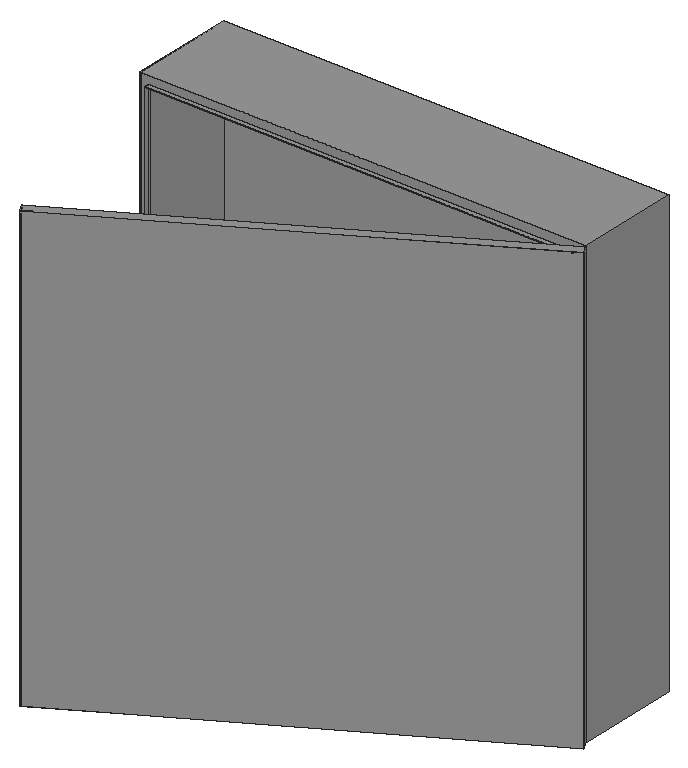
Revit family "Hager-Univers-IP44-D205-H800-Cl.I-Encl-NoHosted-CH-de", category Equipement électrique, Revit 2020
Family settings
  Configuration du panneau = Deux colonnes, circuits au sein
  Cote de connecteur circulaire = Utiliser le diamètre
  Type d'élément = Tableau de raccordement
  Basée sur le plan de construction = Oui
  Toujours verticalement = Oui
  Couper avec des vides une fois chargée = Non
  Partagée = Non
  Point de calcul de pièce = Non
Parameters (values of type "Aufputz IP44 B800 H800 T205  - FP53TN2")
  Width Control [instance] = if([EF000008 - Breite] > Min Width, [EF000008 - Breite], Min Width)  # 800 mm
  Commentaires du type = [HG000003 - Bereich]  # "Univers"
  Thickness Door [instance] = if([EF009171 - Materialstärke Tür/Deckel] > 3 mm, 3 mm, [EF009171 - Materialstärke Tür/Deckel])  # 1 mm
  Seal Frame Offset [instance] = 17 mm  # constant formula
  Plinth Visibility [instance] = [HG000027 - Sockelhöhe] > 0 mm  # no
  Min Width [instance] = 100 mm  # constant formula
  Min Depth [instance] = (2 * [EF009170 - Materialstärke Gehäuse]) + 1 mm  # 3 mm
  Min Height [instance] = 100 mm  # constant formula
  Internal Frame Depth [instance] = (Door System Depth * 0.5)  # 9 mm
  Panel Name [instance] = ""  # (empty or 0)
  Model = ""
  HG000027 - Sockelhöhe = 0 mm
  HG000026 - Stehend auf dem Boden = no
  HG000024 - Höhe des unteren Teils = 600 mm
  HG000023 - Gehäuse mit doppeltem Querschnitt = no
  HG000016 - 3D-Türsichtbarkeit [instance] = yes
  HG000015 - Sichtbarkeit der Türöffnung [instance] = no
  HG000014 - Tür rechts [instance] = yes
  HG000013 - Tür links [instance] = not([HG000014 - Tür rechts])  # no
  HG000012 - Türschwenkwinkel [instance] = 30.00°
  HG000010 - Asymmetrische Türen = no
  HG000009 - Doppelflügeligen Tür = no
  HG000006 - Unterputz = no
  HG000004 - Herstellerreferenz = "FP53TN2"
  HG000003 - Bereich = "Univers"
  HG000002 - Mit tür = yes
  Frame Offset Bottom [instance] = 10 mm  # constant formula
  Frame Offset [instance] = 15 mm  # constant formula
  EF015940 - Deckel mit Überdruckentlastung = no
  EF011959 - Schutzart (NEMA) = ""
  EF009554 - Anzahl der Öffnungen für Flanschplatten = 6
  EF009212 - Ausführung Deckel = "EV000116 - geschlossen"
  EF009171 - Materialstärke Tür/Deckel = 1 mm
  EF009170 - Materialstärke Gehäuse = 1 mm
  EF008873 - Nennstrom (In) = 250 A
  EF007800 - Geeignet für Blitzschutz = no
  EF006306 - Mit Schloss = no
  EF006244 - Transparenter Deckel/Tür = no
  EF005474 - Schutzart (IP) = "EV006418 - IP44"
  EF004464 - Art der Tür = "EV002646 - Einzel"
  EF004427 - Anzahl der Module = 180
  EF004293 - Schlagfestigkeit = "EV006815 - IK09"
  EF003532 - Geeignet für Außengebrauch = no
  EF002950 - Breite in Teilungseinheiten = 36
  EF001613 - Funktionserhalt = "EV000494 - ohne"
  EF001596 - Werkstoff des Gehäuses = "EV000179 - Stahl"
  EF001131 - Innentiefe = 205 mm
  EF001088 - Anbaumöglichkeit = yes
  EF000437 - Anzahl der Leitungseinführungen = 6
  EF000339 - Art der Abdeckung = "EV001012 - Deckel"
  EF000266 - Anzahl der Reihen = 5
  EF000218 - Einbautiefe = 205 mm
  EF000118 - Mit Montageplatte = no
  EF000116 - RAL-Nummer = "9010"
  EF000049 - Tiefe = 205 mm
  EF000040 - Höhe = 800 mm
  EF000008 - Breite = 800 mm
  EF000007 - Farbe = "EV000202 - weiß"
  EF000003 - Montageart = "EV000384 - Aufputz"
  Door System Leaf Tolerance [instance] = 1.5 mm  # constant formula
  Door System Depth [instance] = 18 mm  # constant formula
  Door Height [instance] = Height Control - [HG000027 - Sockelhöhe]  # 800 mm
  Description = ""
  Default Elevation = 1219.2 mm
  Connector Offset [instance] = Height Control / 2  # 400 mm
  Fabricant = "Hager"  # constant formula
  Height Control [instance] = if([EF000040 - Höhe] > Min Height, [EF000040 - Höhe], Min Height)  # 800 mm
  Depth Control [instance] = if([EF000049 - Tiefe] > Min Depth, [EF000049 - Tiefe], Min Depth)  # 205 mm
  Bottom Top Plate Trim [instance] = 1.5 mm  # constant formula
  Plinth height Ctrl [instance] = if([HG000027 - Sockelhöhe] > 0 mm, [HG000027 - Sockelhöhe], 12 mm)  # 12 mm
Types (10, lengths in mm): name | Width Control | HG000010 - Asymmetrische Türen | HG000009 - Doppelflügeligen Tür | HG000004 - Herstellerreferenz | EF009554 - Anzahl der Öffnungen für Flanschplatten | EF004464 - Art der Tür | EF004427 - Anzahl der Module | EF002950 - Breite in Teilungseinheiten | EF000437 - Anzahl der Leitungseinführungen | EF000218 - Einbautiefe | EF000008 - Breite
  Aufputz IP44 B1050 H800 T205  - FP54QT | 1050 | no | no | "FP54QT" | 8 | "EV003602 - Doppel" | 240 | 48 | 8 | 0 | 1050
  Aufputz IP44 B1050 H800 T205  - FP54TN2 | 1050 | no | yes | "FP54TN2" | 8 | "EV003602 - Doppel" | 240 | 48 | 8 | 205 | 1050
  Aufputz IP44 B1300 H800 T205  - FP55QT | 1300 | no | no | "FP55QT" | 10 | "EV003602 - Doppel" | 300 | 60 | 10 | 0 | 1300
  Aufputz IP44 B1300 H800 T205  - FP55TN2 | 1300 | yes | yes | "FP55TN2" | 10 | "EV003602 - Doppel" | 300 | 60 | 10 | 205 | 1300
  Aufputz IP44 B300 H800 T205  - FP51QT | 300 | no | no | "FP51QT" | 2 | "EV002646 - Einzel" | 60 | 12 | 2 | 0 | 300
  Aufputz IP44 B300 H800 T205  - FP51TN2 | 300 | no | no | "FP51TN2" | 2 | "EV002646 - Einzel" | 60 | 12 | 2 | 205 | 300
  Aufputz IP44 B550 H800 T205  - FP52QT | 550 | no | no | "FP52QT" | 4 | "EV002646 - Einzel" | 120 | 24 | 4 | 0 | 550
  Aufputz IP44 B550 H800 T205  - FP52TN2 | 550 | no | no | "FP52TN2" | 4 | "EV002646 - Einzel" | 120 | 24 | 4 | 205 | 550
  Aufputz IP44 B800 H800 T205  - FP53QT | 800 | no | no | "FP53QT" | 6 | "EV002646 - Einzel" | 180 | 36 | 6 | 0 | 800
  Aufputz IP44 B800 H800 T205  - FP53TN2 | 800 | no | no | "FP53TN2" | 6 | "EV002646 - Einzel" | 180 | 36 | 6 | 205 | 800
Reference planes
  plane 1 "Center (Front/Back)": y = 0
  plane 2: z = 0
  plane 3 "Center (Left/Right)": x = 0
  plane 4: y = 0
  plane 5: y = 0
  plane 6: z = 0
  plane 7: x = -400
  plane 8: x = 400
  plane 9: x = 399
  plane 10: x = -399
  plane 11: z = 0
  plane 12: z = 1
  plane 13: y = -205
  plane 14: y = -1
  plane 15: x = 0
  plane 16: y = -187
  plane 17: y = -204
  plane 18: y = -186
  plane 19: x = -384
  plane 20: x = 384
  plane 21: z = 11
  plane 22: x = -383
  plane 23: x = 383
  plane 24: z = 0
  plane 25: z = 800
  plane 26: z = 800
  plane 27: z = 784
  plane 28: z = 799
Forms (mm)
  Extrusion 1, solid, material "Hager_Steel_RAL7035_Light_Grey", detail levels medium+fine
    sketch origin (-208.679, -4572, 0) x (-1, 0, 0) y (0, -1, 0)
      loop
        line (191.321, -4385) -> (-608.679, -4385) -> (-608.679, -4572) -> (191.321, -4572) -> (191.321, -4385)
    from 0 to 800
  Extrusion 2, void
    sketch origin (-350.771, -205, 1219.2) x (1, 0, 0) y (0, 0, 1)
      loop
        line (-48.229, -420.2) -> (-48.229, -1218.2) -> (749.771, -1218.2) -> (749.771, -420.2) -> (-48.229, -420.2)
    from -19 to -204
  Extrusion 3, void
    sketch origin (-290.084, -187, 1219.2) x (1, 0, 0) y (0, 0, 1)
      loop
        line (-93.916, -1208.2) -> (674.084, -1208.2) -> (674.084, -435.2) -> (-93.916, -435.2) -> (-93.916, -1208.2)
    from 0 to -1
  Extrusion 4, solid, material "Hager_Steel_RAL7035_Light_Grey", visible <- "Plinth Visibility", detail levels medium+fine
    sketch origin (0, 0, 0) x (1, 0, 0) y (0, 1, 0)
      loop
        line (-400, 0) -> (-400, -187) -> (400, -187) -> (400, 0) -> (-400, 0)
    from 0 to 12 <- "Plinth height Ctrl"
  Extrusion 5, solid, material "Hager_Steel_RAL7035_Light_Grey", detail levels coarse
    sketch origin (0, 0, 0) x (1, 0, 0) y (0, 1, 0)
      loop
        line (-400, 0) -> (-400, -205) -> (400, -205) -> (400, 0) -> (-400, 0)
    from 0 to 800 <- "Height Control"
  Sweep 6, void
    path in 3D
      loop
        line (-400, -187, 12) -> (400, -187, 12) -> (400, 0, 12) -> (-400, 0, 12) -> (-400, -187, 12)
    profile origin (-400, -93.5, 12) x (1, 0, 0) y (0, 0, 1)
      loop
        line (0, 0) -> (0, -1.5) -> (1.5, -1.5)
        arc (1.5, -1.5) -> (1.061, -0.439) -> (0, 0) r 1.5
  Extrusion 7, solid, material "Hager_Steel_RAL7035_Light_Grey", detail levels fine
    sketch origin (-400, -187, 0) x (1, 0, 0) y (0, 0, 1)
      loop
        line (16, 11) -> (784, 11) -> (784, 784) -> (16, 784) -> (16, 11)
      loop
        line (15, 10) -> (785, 10) -> (785, 785) -> (15, 785) -> (15, 10)
    from 0 to 9 <- "Internal Frame Depth"
Cuts and joins
  Extrusion 2, Extrusion 3 cuts Extrusion 1
  Sweep 6 cuts Extrusion 4
Lines and regions (mm)
  Masking region 1
    outline origin (0, 0, 0) x (1, 0, 0) y (0, 1, 0)
      loop
        line (-400, 0) -> (-400, -205) -> (400, -205) -> (400, 0) -> (-400, 0)
  Masking region 2, detail levels coarse
    outline origin (-290.084, -187, 1219.2) x (-1, 0, 0) y (0, 0, 1)
      loop
        line (-690.084, -1219.2) -> (109.916, -1219.2) -> (109.916, -419.2) -> (-690.084, -419.2) -> (-690.084, -1219.2)
  Masking region 3, detail levels coarse
    outline origin (0, 0, 0) x (0, 1, 0) y (0, 0, 1)
      loop
        line (0, 0) -> (0, 800) -> (-205, 800) -> (-205, 0) -> (0, 0)
  Masking region 4, visible <- "Plinth Visibility", detail levels medium+fine
    outline origin (0, 0, 0) x (0, 1, 0) y (0, 0, 1)
      loop
        line (-1.5, 12) -> (-185.5, 12)
        arc (-185.5, 12) -> (-185.939, 10.939) -> (-187, 10.5) r 1.5
        line (-187, 10.5) -> (-187, 0) -> (0, 0) -> (0, 10.5)
        arc (0, 10.5) -> (-1.061, 10.939) -> (-1.5, 12) r 1.5
  Masking region 5, detail levels medium+fine
    outline origin (0, 0, 594.038) x (0, 1, 0) y (0, 0, 1)
      loop
        line (0, -594.038) -> (0, 205.962) -> (-187, 205.962) -> (-187, -594.038) -> (0, -594.038)
  Masking region 6, detail levels medium+fine
    outline origin (-359.7, -187, 1211.883) x (-1, 0, 0) y (0, 0, 1)
      loop
        line (-759.7, -1211.883) -> (40.3, -1211.883) -> (40.3, -411.883) -> (-759.7, -411.883) -> (-759.7, -1211.883)
  Masking region 7, visible <- "Plinth Visibility", detail levels medium+fine
    outline origin (-320.334, -187, 1041.368) x (-1, 0, 0) y (0, 0, 1)
      loop
        line (-720.334, -1041.368) -> (79.666, -1041.368) -> (79.666, -1030.868)
        arc (79.666, -1030.868) -> (78.606, -1030.429) -> (78.166, -1029.368) r 1.5
        line (78.166, -1029.368) -> (-718.834, -1029.368)
        arc (-718.834, -1029.368) -> (-719.273, -1030.429) -> (-720.334, -1030.868) r 1.5
        line (-720.334, -1030.868) -> (-720.334, -1041.368)
  sketch lines
    curve 1: line (-400, 0, 12) -> (-400, -187, 12)
    curve 2: line (-400, -187, 12) -> (400, -187, 12)
    curve 3: line (400, 0, 12) -> (-400, 0, 12)
    curve 4: line (400, -187, 12) -> (400, 0, 12)
Dimensions and locks
  locked: plane 1 "Center (Front/Back)" to plane 5
  "EF009170 - Materialstärke Gehäuse": plane 7 to plane 10
  "EF009170 - Materialstärke Gehäuse": plane 8 to plane 9
  equal spacing: plane 7, plane 3 "Center (Left/Right)", plane 8
  "Width Control": plane 7 to plane 8
  "Depth Control": plane 4 to plane 13
  "EF009170 - Materialstärke Gehäuse": plane 4 to plane 14
  "Height Control": plane 25 to level
  "HG000027 - Sockelhöhe": plane 11 to level
  "EF009170 - Materialstärke Gehäuse": plane 12 to plane 11
  "EF009170 - Materialstärke Gehäuse": plane 17 to plane 13
  "EF009170 - Materialstärke Gehäuse": plane 18 to plane 16
  "Frame Offset Bottom": plane 21 to plane 12
  "Frame Offset": plane 10 to plane 19
  "Frame Offset": plane 9 to plane 20
  "Door System Depth": plane 16 to plane 13
  "Seal Frame Offset": plane 7 to plane 22
  "Seal Frame Offset": plane 8 to plane 23
  "EF009170 - Materialstärke Gehäuse": plane 26 to plane 28
  "Frame Offset": plane 28 to plane 27
  "Connector Offset": plane 2 to connector elem
  "Bottom Top Plate Trim": profile plane to Sweep 6 sketch curve
  "Bottom Top Plate Trim": Sweep 6 sketch curve to Sweep 6 sketch curve
  "Plinth height Ctrl": Masking region 4 sketch curve to level
  "Plinth height Ctrl": Masking region 7 sketch curve to level
  "Thickness Door": Extrusion 7 sketch curve to Extrusion 7 sketch curve  (x4)
  "Bottom Top Plate Trim": radius of Sweep 6 sketch curve
  "Bottom Top Plate Trim": radius of Masking region 4 sketch curve  (x2)
  "Bottom Top Plate Trim": radius of Masking region 7 sketch curve  (x2)
  aligned and locked: Extrusion 2 sketch curve to plane 12
  aligned and locked: Extrusion 2 sketch curve to plane 9
  aligned and locked: Extrusion 2 sketch curve to plane 10
  aligned and locked: Extrusion 2 to plane 14
  aligned and locked: Extrusion 1 sketch curve to plane 4
  aligned and locked: plane 8 to Extrusion 1 sketch curve
  aligned and locked: plane 7 to Extrusion 1 sketch curve
  aligned and locked: Extrusion 2 to plane 18
  aligned and locked: Extrusion 3 sketch curve to plane 19
  aligned and locked: plane 20 to Extrusion 3 sketch curve
  aligned and locked: Extrusion 3 to Extrusion 2
  aligned and locked: Extrusion 3 sketch curve to plane 21
  aligned and locked: plane 3 "Center (Left/Right)" to nested 1
  aligned and locked: Extrusion 1 sketch curve to plane 16
  aligned and locked: Extrusion 4 sketch curve to cut or joined group of Extrusion 1, Extrusion 2, Extrusion 3
  aligned and locked: Masking region 1 sketch curve to plane 7
  aligned and locked: Masking region 1 sketch curve to plane 5
  aligned and locked: Masking region 1 sketch curve to plane 8
  aligned and locked: Masking region 2 sketch curve to level
  aligned and locked: level to Masking region 3 sketch curve
  aligned and locked: plane 1 "Center (Front/Back)" to Masking region 3 sketch curve
  aligned and locked: plane 13 to Masking region 3 sketch curve
  aligned and locked: plane 5 to Masking region 4 sketch curve
  aligned and locked: Masking region 2 sketch curve to plane 8
  aligned and locked: Masking region 2 sketch curve to plane 7
  aligned and locked: plane 7 to nested 2
  aligned and locked: nested 2 to plane 5
  aligned and locked: plane 5 to Masking region 5 sketch curve
  aligned and locked: plane 26 to Masking region 5 sketch curve
  aligned and locked: Extrusion 5 sketch curve to plane 8
  aligned and locked: Extrusion 5 sketch curve to plane 7
  aligned and locked: Extrusion 5 sketch curve to plane 5
  aligned and locked: Extrusion 3 sketch curve to plane 27
  aligned and locked: Extrusion 2 sketch curve to plane 28
  aligned and locked: Masking region 2 to plane 25
  aligned and locked: Extrusion 4 to plane 16
  aligned and locked: profile plane to Sweep 6 sketch curve
  aligned and locked: Masking region 5 sketch curve to plane 24
  aligned and locked: level to Masking region 4 sketch curve
  aligned and locked: Masking region 1 to plane 13
  aligned and locked: nested 1 to plane 16
  aligned and locked: Masking region 3 to plane 25
  aligned and locked: plane 16 to Masking region 4 sketch curve
  aligned and locked: Masking region 5 sketch curve to plane 16
  aligned and locked: plane 24 to plane 11
  aligned and locked: plane 26 to plane 25
  aligned and locked: plane 26 to cut or joined group of Extrusion 1, Extrusion 2, Extrusion 3
  aligned and locked: nested 1 to plane 24
  aligned and locked: Extrusion 1 to Extrusion 3
  aligned and locked: Masking region 6 sketch curve to plane 8
  aligned and locked: Masking region 6 sketch curve to plane 24
  aligned and locked: Masking region 6 sketch curve to plane 7
  aligned and locked: Masking region 6 sketch curve to plane 26
  aligned and locked: Masking region 7 sketch curve to plane 7
  aligned and locked: level to Masking region 7 sketch curve
  aligned and locked: Masking region 7 sketch curve to plane 8
  aligned and locked: Extrusion 7 sketch curve to cut or joined group of Extrusion 1, Extrusion 2, Extrusion 3  (x4)
Automatic sketch dimensions
  plane 19 to Extrusion 3 sketch curve = 0 mm
  Extrusion 3 sketch curve to plane 20 = 0 mm
  Extrusion 3 sketch curve to plane 21 = 0 mm
  Extrusion 4 sketch curve to plane 7 = 0 mm
  Extrusion 4 sketch curve to plane 8 = 0 mm
  Extrusion 4 sketch curve to plane 16 = 0 mm
  Masking region 1 sketch curve to plane 13 = 0 mm
  Masking region 2 sketch curve to plane 25 = 0 mm
  Masking region 3 sketch curve to plane 25 = 0 mm
  Extrusion 5 sketch curve to plane 13 = 0 mm
  profile plane to Sweep 6 sketch curve = 0 mm
Nested families
  nested 1: "EC000058_Univers_Door" at (0, -187, 0), Double <- "HG000009 - Doppelflügeligen Tür", Transparent <- "EF006244 - Transparenter Deckel/Tür", Angle <- "HG000012 - Türschwenkwinkel", Door_Right <- "HG000014 - Tür rechts", Assymetrical <- "HG000010 - Asymmetrische Türen", Door <- "HG000002 - Mit tür", Width_Ctrl <- "Width Control", 3d_Door <- "HG000016 - 3D-Türsichtbarkeit", Clearance <- "HG000015 - Sichtbarkeit der Türöffnung", Door_Left <- "HG000013 - Tür links", Width <- "Width Control", Door_Depth <- "Door System Depth", Leaf_Tolerance <- "Door System Leaf Tolerance", Height <- "Door Height", Lock_Visibility <- "EF006306 - Mit Schloss", Thickness <- "Thickness Door", type "EC000058_Univers_Door", detail levels medium+fine
    with min_wh 3 mm, Width_Ctrl 800 mm, Width 800 mm, Transparent no, Thickness 1 mm, Seal_Material Hager_Rubber, Lock_Visibility no, Lock_Material Hager_Plastic_RAL9005_Jet_Black, Leaf_Width 800 mm, Leaf_Tolerance_External_Sides 0 mm, Leaf_Tolerance 1.5 mm, Leaf_Offset 0 mm, Leaf_Height 797 mm, Leaf_2_Width 800 mm, Leaf_2_Offset 400 mm, Leaf_1_Width 800 mm, Leaf_1_Offset 400 mm, Height_Ctrl 800 mm, Height 800 mm, Glass_Material Hager_Glass, Double_Clearance_Ctrl no, Double no, Door_Right_Ctrl yes, Door_Right yes, Door_Material Hager_Steel_RAL7035_Light_Grey, Door_Left_Ctrl no, Door_Left no, Door_Depth 18 mm, Door yes, Clearance_Material Hager_Clearance, Clearance_Depth 800 mm, Clearance_Ctrl no, Clearance no, Assymetrical no, Angle 30.00°, 3d_Door yes
  nested 2: "Hager_Enclosure_Symbol" at (-400, 0, 0), Height <- "Depth Control", Width <- "Width Control", type "Hager_Enclosure_Symbol"
    with Width_Ctrl 800 mm, Width 800 mm, Height_Ctrl 205 mm, Height 205 mm, A_Width_Int 13.453 mm, A_Width 161.438 mm, A_Height_Ctrl 179.375 mm, A_Height 179.375 mm
Connectors
  electrical at (0, 0, 400)
    settings: on plane 1 "Center (Front/Back)", index 1, voltage 0 V, apparent load 0 VA, apparent load phase1 0 VA, apparent load phase2 0 VA, apparent load phase3 0 VA, power factor 1, load classification "Other", number of poles 1, system type 30, power factor state 1, is connector primary yes, connector utility no, sub classification motor no, connector description ""
Definition of nested family "EC000058_Univers_Door"
  Parameters (values of type "EC000058_Univers_Door")
    min_wh [instance] = (2 * Thickness) + 1 mm  # 11 mm
    Width_Ctrl [instance] = 400 mm
    Width [instance] = 500 mm
    Transparent [instance] = yes
    Thickness [instance] = 5 mm
    Seal_Material [instance] = none
    Lock_Visibility [instance] = yes
    Lock_Material [instance] = none
    Leaf_Width [instance] = if((Width_Ctrl - 2 * Leaf_Tolerance_External_Sides) > 0 mm, (Width_Ctrl - 2 * Leaf_Tolerance_External_Sides), min_wh)  # 400 mm
    Leaf_Tolerance_External_Sides [instance] = 0 mm  # constant formula
    Leaf_Tolerance [instance] = 1.5 mm
    Leaf_Offset [instance] = 0 mm  # constant formula
    Leaf_Height [instance] = if((Height_Ctrl - 2 * Leaf_Tolerance) > 0 mm, (Height_Ctrl - 2 * Leaf_Tolerance), min_wh)  # 497 mm
    Leaf_2_Width [instance] = if(and(and(Double, Assymetrical), Door_Left), (Leaf_Width / 3) - (Leaf_Tolerance / 2), if(and(and(Double, Assymetrical), Door_Right), (Leaf_Width / 3) * 2 - (Leaf_Tolerance / 2), if(and(Double, not(Assymetrical)), (Leaf_Width / 2) - Leaf_Tolerance, Leaf_Width)))  # 400 mm
    Leaf_2_Offset [instance] = if(and(Double, Assymetrical), Leaf_2_Width / 2, if(and(Double, not(Assymetrical)), Leaf_Width / 4, Leaf_Width / 2))  # 200 mm
    Leaf_1_Width [instance] = if(and(and(Double, Assymetrical), Door_Right), (Leaf_Width / 3) - (Leaf_Tolerance / 2), if(and(and(Double, Assymetrical), Door_Left), (Width / 3) * 2 - (Leaf_Tolerance / 2), if(and(Double, not(Assymetrical)), (Leaf_Width / 2) - Leaf_Tolerance, Leaf_Width)))  # 400 mm
    Leaf_1_Offset [instance] = if(and(Double, Assymetrical), Leaf_1_Width / 2, if(and(Double, not(Assymetrical)), Leaf_Width / 4, Leaf_Width / 2))  # 200 mm
    Height_Ctrl [instance] = if(Height > min_wh, Height, min_wh)  # 500 mm
    Height [instance] = 500 mm
    Glass_Material [instance] = none
    Double_Clearance_Ctrl [instance] = and(Double, Clearance)  # no
    Double [instance] = no
    Door_Right_Ctrl [instance] = and(or(Door_Right, Double), Door)  # yes
    Door_Right [instance] = yes
    Door_Material [instance] = none
    Door_Left_Ctrl [instance] = and(or(Door_Left, Double), Door)  # no
    Door_Left [instance] = no
    Door_Depth [instance] = 30 mm
    Door [instance] = yes
    Default Elevation = 1219.2 mm
    Clearance_Material [instance] = none
    Clearance_Depth [instance] = if(Leaf_1_Width > Leaf_2_Width, Leaf_1_Width, Leaf_2_Width)  # 400 mm
    Clearance_Ctrl [instance] = and(not(Double), Clearance)  # yes
    Clearance [instance] = yes
    Assymetrical [instance] = yes
    Angle [instance] = 30.00°
    3d_Door [instance] = yes
  Reference planes
    plane 1 "Center (Front/Back)": y = 0
    plane 2 "Bottom": z = 0
    plane 3 "Center (Left/Right)": x = 0
    plane 4: z = 500
    plane 5: x = -200
    plane 6: x = 200
    plane 7: z = 500
    plane 8: x = -200
    plane 9: z = 0
    plane 10: x = 200
    plane 11: y = 0
    plane 12: z = 1.5
    plane 13: x = -600
    plane 14: y = -400
    plane 15: x = 600
    plane 16: x = 0
    plane 17: x = 0
    plane 18: x = -200
    plane 19: x = 200
    plane 20: z = 498.5
  Forms (mm)
    Extrusion 1, solid, material <- "Clearance_Material", visible <- "Double_Clearance_Ctrl"
      sketch origin (1200, 0, 0) x (1, 0, 0) y (0, 0, -1)
        loop
          line (-1800, -498.5) -> (-600, -498.5) -> (-600, 0) -> (-1800, 0) -> (-1800, -498.5)
      from 0 to -400
  Dimensions and locks
    equal spacing: plane 5, plane 3 "Center (Left/Right)", plane 6
    "Width_Ctrl": plane 5 to plane 6
    "Leaf_Offset": plane 5 to plane 8
    "Leaf_Offset": plane 6 to plane 10
    "Leaf_Offset": plane 9 to level
    "Leaf_Offset": plane 4 to plane 7
    "Height_Ctrl": plane 4 to level
    "Leaf_Tolerance": plane 12 to plane 9
    locked: plane 11 to plane 1 "Center (Front/Back)"
    "Leaf_1_Offset": plane 18 to plane 16
    "Leaf_2_Offset": plane 17 to plane 19
    "Leaf_1_Width": plane 13 to plane 8
    "Leaf_2_Width": plane 10 to plane 15
    "Clearance_Depth": plane 14 to plane 1 "Center (Front/Back)"
    "Leaf_Tolerance_External_Sides": plane 8 to plane 18
    "Leaf_Tolerance_External_Sides": plane 19 to plane 10
    "Leaf_Tolerance": plane 7 to plane 20
    aligned and locked: level to plane 2 "Bottom"
    aligned and locked: nested 1 to plane 16
    aligned and locked: nested 2 to plane 17
    aligned and locked: Extrusion 1 to plane 13
    aligned and locked: plane 15 to Extrusion 1
    aligned and locked: Extrusion 1 to plane 14
    aligned and locked: plane 12 to nested 1
    aligned and locked: nested 2 to plane 12
    aligned and locked: Extrusion 1 to plane 11
    aligned and locked: plane 20 to Extrusion 1
    aligned and locked: nested 2 to plane 11
    aligned and locked: nested 1 to plane 11
  Automatic sketch dimensions
    Extrusion 1 sketch curve to level = 0 mm
    plane 5 to Extrusion 1 sketch curve = 400 mm
    plane 6 to Extrusion 1 sketch curve = 400 mm
    Extrusion 1 sketch curve to plane 4 = 1.5 mm
  Nested families
    nested 1: "EC000058_Univers_Door_Leaf" at (0, 0, 1.5), Width <- "Leaf_1_Width", visible <- "Door_Left_Ctrl", Leaf_Height <- "Leaf_Height", Angle <- "Angle", 3d_Door <- "3d_Door", Transparent <- "Transparent", Clearance Material <- "Clearance_Material", Clearance <- "Clearance_Ctrl", Door_Material <- "Door_Material", Glass_Material <- "Glass_Material", Door_Depth <- "Door_Depth", Lock_Material <- "Lock_Material", Seal_Material <- "Seal_Material", Lock_Visibility <- "Lock_Visibility", Thickness <- "Thickness", type "EC000058_Univers_Door_Leaf"
      with Width 400 mm, Transparent_Glass_Offset 30 mm, Transparent_Ctrl yes, Transparent yes, Thickness 5 mm, Standard no, Seal_Material none, Seal_D2 8 mm, Seal_D1 1 mm, Offset_Internal_Frame 10 mm, Lock_Width 20 mm, Lock_Visibility_3d yes, Lock_Visibility yes, Lock_Thickness_3 3 mm, Lock_Thickness_2 1 mm, Lock_Thickness_1 3 mm, Lock_Radius_Offset_2 16 mm, Lock_Radius_Offset_1 15 mm, Lock_Radius_2 5 mm, Lock_Radius 6 mm, Lock_Offset 5 mm, Lock_Material none, Lock_Height 80 mm, Lock_Cover_Top_Offset_2d 17 mm, Lock_Cover_Height -65 mm, Leaf_Height 497 mm, Internal_Seal_Thickness 8 mm, Internal_Seal_Depth_2 4.5 mm, Internal_Frame_Depth 25 mm, Glass_Thickness -1 mm, Glass_Offset -2 mm, Glass_Material none, Door_Material none, Door_Depth 30 mm, Clearance Material none, Clearance yes, Angle_Ctrl 30.00°, Angle 30.00°, 3d_Door yes
    nested 2: "EC000058_Univers_Door_Leaf" at (0, 0, 1.5) x (-1, 0, 0) z (0, 0, 1), Width <- "Leaf_2_Width", visible <- "Door_Right_Ctrl", Leaf_Height <- "Leaf_Height", Angle <- "Angle", 3d_Door <- "3d_Door", Transparent <- "Transparent", Clearance Material <- "Clearance_Material", Clearance <- "Clearance_Ctrl", Door_Material <- "Door_Material", Glass_Material <- "Glass_Material", Door_Depth <- "Door_Depth", Lock_Material <- "Lock_Material", Seal_Material <- "Seal_Material", Lock_Visibility <- "Lock_Visibility", Thickness <- "Thickness", type "EC000058_Univers_Door_Leaf"
      with Width 400 mm, Transparent_Glass_Offset 30 mm, Transparent_Ctrl yes, Transparent yes, Thickness 5 mm, Standard no, Seal_Material none, Seal_D2 8 mm, Seal_D1 1 mm, Offset_Internal_Frame 10 mm, Lock_Width 20 mm, Lock_Visibility_3d yes, Lock_Visibility yes, Lock_Thickness_3 3 mm, Lock_Thickness_2 1 mm, Lock_Thickness_1 3 mm, Lock_Radius_Offset_2 16 mm, Lock_Radius_Offset_1 15 mm, Lock_Radius_2 5 mm, Lock_Radius 6 mm, Lock_Offset 5 mm, Lock_Material none, Lock_Height 80 mm, Lock_Cover_Top_Offset_2d 17 mm, Lock_Cover_Height -65 mm, Leaf_Height 497 mm, Internal_Seal_Thickness 8 mm, Internal_Seal_Depth_2 4.5 mm, Internal_Frame_Depth 25 mm, Glass_Thickness -1 mm, Glass_Offset -2 mm, Glass_Material none, Door_Material none, Door_Depth 30 mm, Clearance Material none, Clearance yes, Angle_Ctrl 30.00°, Angle 30.00°, 3d_Door yes
  Definition of nested family "EC000058_Univers_Door_Leaf"
    Parameters (values of type "EC000058_Univers_Door_Leaf")
      Width [instance] = 2000 mm
      Transparent_Glass_Offset [instance] = 30 mm
      Transparent_Ctrl [instance] = and(Transparent, [3d_Door])  # yes
      Transparent [instance] = yes
      Thickness [instance] = 5 mm
      Standard [instance] = and(not(Transparent), [3d_Door])  # no
      Seal_Material [instance] = none
      Seal_D2 [instance] = 8 mm  # constant formula
      Seal_D1 [instance] = 1 mm  # constant formula
      Offset_Internal_Frame [instance] = 10 mm  # constant formula
      Lock_Width [instance] = 20 mm  # constant formula
      Lock_Visibility_3d [instance] = and(Lock_Visibility, [3d_Door])  # yes
      Lock_Visibility [instance] = yes
      Lock_Thickness_3 [instance] = 3 mm  # constant formula
      Lock_Thickness_2 [instance] = 1 mm  # constant formula
      Lock_Thickness_1 [instance] = 3 mm  # constant formula
      Lock_Radius_Offset_2 [instance] = Lock_Radius_Offset_1 + 1 mm  # 16 mm
      Lock_Radius_Offset_1 [instance] = 15 mm  # constant formula
      Lock_Radius_2 [instance] = Lock_Radius - 1 mm  # 5 mm
      Lock_Radius [instance] = 6 mm  # constant formula
      Lock_Offset [instance] = 5 mm  # constant formula
      Lock_Material [instance] = none
      Lock_Height [instance] = 80 mm  # constant formula
      Lock_Cover_Top_Offset_2d [instance] = Lock_Radius_Offset_2 + 1 mm  # 17 mm
      Lock_Cover_Height [instance] = -(Lock_Height - Lock_Radius_Offset_1)  # -65 mm
      Leaf_Height [instance] = 2720.336 mm
      Internal_Seal_Thickness [instance] = 8 mm  # constant formula
      Internal_Seal_Depth_2 [instance] = 4.5 mm  # constant formula
      Internal_Frame_Depth [instance] = if(Door_Depth - Thickness > 5 mm, Door_Depth - Thickness, 5 mm)  # 25 mm
      Glass_Thickness [instance] = if(Thickness > 15 mm, Glass_Offset + 10 mm, -1 mm)  # -1 mm
      Glass_Offset [instance] = if(Thickness > 15 mm, -(Thickness + 10 mm) / 2, -2 mm)  # -2 mm
      Glass_Material [instance] = none
      Door_Material [instance] = none
      Door_Depth [instance] = 30 mm
      Default Elevation = 0 mm
      Clearance Material [instance] = none
      Clearance [instance] = yes
      Angle_Ctrl [instance] = if(Angle > 180.00°, 180.00°, Angle)  # 90.00°
      Angle [instance] = 90.00°
      3d_Door [instance] = yes
    Reference planes
      plane 1 "Center (Front/Back)": y = 0
      plane 2: z = 0
      plane 3 "Center (Left/Right)": x = 0
      plane 4: y = 2000
      plane 5: x = -1000
      plane 6: x = 1000
      plane 7: x = -3000
      plane 8: z = 2720.336
      plane 9: z = 30
      plane 10: z = 2690.336
      plane 11: x = 970
      plane 12: x = -970
      plane 13: y = -3
      plane 14: z = 107.833
      plane 15: y = -5
      plane 16: y = -223.314
      plane 17: x = -1000
      plane 18: z = 1360.168
      plane 19: y = 30
    Forms (mm)
      Extrusion 1, solid, material <- "Clearance Material", visible <- "Clearance"
        sketch origin (0, 0, 0) x (1, 0, 0) y (0, 0, 1)
          loop
            line (-3000, 2720.336) -> (-3000, 0) -> (1000, 0) -> (1000, 2720.336) -> (-3000, 2720.336)
        from 0 to -2000
      Extrusion 2, solid, material <- "Door_Material", visible <- "Standard", detail levels medium+fine
        sketch origin (-1000, 0, 0) x (0, 1, 0) y (-1, 0, 0)
          loop
            line (0, 30) -> (0, 25) -> (2000, 25) -> (2000, 30) -> (0, 30)
        from 0 to 2720.336 <- "Leaf_Height"
      Extrusion 3, solid, material <- "Door_Material", visible <- "Transparent_Ctrl", detail levels medium+fine
        sketch origin (-1000, 0, 0) x (0, 1, 0) y (-1, 0, 0)
          loop
            line (0, 25) -> (2000, 25) -> (2000, 30) -> (0, 30) -> (0, 25)
        from 0 to 2720.336 <- "Leaf_Height"
      Extrusion 4, void
        sketch origin (-1025, 2000, 0) x (0, 1, 0) y (0, 0, -1)
          loop
            line (-30, -2690.336) -> (-30, -30) -> (-1970, -30) -> (-1970, -2690.336) -> (-30, -2690.336)
        from 0 to 5 <- "Thickness"
      Sweep 5, solid, material <- "Seal_Material", visible <- "Transparent_Ctrl", detail levels fine
        path in 3D
          loop
            line (-1025, 30, 30) -> (-1025, 30, 2690.336) -> (-1025, 1970, 2690.336) -> (-1025, 1970, 30) -> (-1025, 30, 30)
        profile origin (-1025, 1000, 30) x (1, 0, 0) y (0, 0, 1)
          loop
            line (0, 0) -> (0, -8) -> (1, -8) -> (1, 0) -> (0, 0)
      Extrusion 6, solid, material <- "Glass_Material", visible <- "Transparent_Ctrl", detail levels medium+fine
        sketch origin (-1030, 0, 0) x (0, 1, 0) y (0, 0, -1)
          loop
            line (1970, -2690.336) -> (1970, -30) -> (30, -30) -> (30, -2690.336) -> (1970, -2690.336)
        from -2 <- "Glass_Offset" to -1 <- "Glass_Thickness"
      Extrusion 7, solid, material <- "Door_Material", visible <- "3d_Door", detail levels medium+fine
        sketch origin (-1025, 2000, 0) x (0, -1, 0) y (0, 0, -1)
          loop
            line (0, -2720.336) -> (2000, -2720.336) -> (2000, 0) -> (0, 0) -> (0, -2720.336)
          loop
            line (1995, -5) -> (5, -5) -> (5, -2715.336) -> (1995, -2715.336) -> (1995, -5)
        from 0 to 25 <- "Internal_Frame_Depth"
      Sweep 8, solid, material <- "Seal_Material", visible <- "Transparent_Ctrl", detail levels fine
        path in 3D
          loop
            line (-1025, 0, 0) -> (-1025, 2000, 0) -> (-1025, 2000, 2720.336) -> (-1025, 0, 2720.336) -> (-1025, 0, 0)
        profile origin (-1025, 0, 1360.168) x (1, 0, 0) y (0, 1, 0)
          loop
            line (0, 10) -> (2.975, 10)
            arc (2.975, 10) -> (4.053, 10.447) -> (4.5, 11.525) r 1.525
            line (4.5, 11.525) -> (4.5, 16.527)
            arc (4.5, 16.527) -> (4.069, 17.569) -> (3.027, 18) r 1.473
            line (3.027, 18) -> (0, 18) -> (0, 10)
      Extrusion 9, solid, material <- "Lock_Material", visible <- "Lock_Visibility_3d", detail levels fine
        sketch origin (-1030, 0, 0) x (0, 1, 0) y (0, 0, -1)
          loop
            arc (1993.5, -1400.168) -> (1994.561, -1399.729) -> (1995, -1398.668) r 1.5
            line (1995, -1398.668) -> (1995, -1320.168) -> (1975, -1320.168) -> (1975, -1398.668)
            arc (1975, -1398.668) -> (1975.439, -1399.729) -> (1976.5, -1400.168) r 1.5
            line (1976.5, -1400.168) -> (1993.5, -1400.168)
        from 3 <- "Lock_Thickness_1" to 0
      Blend 10, solid, material <- "Lock_Material", visible <- "Lock_Visibility_3d", detail levels fine
        base sketch origin (-1033, 0, 0) x (0, 1, 0) y (0, 0, -1)
          loop
            line (1975, -1320.168) -> (1975, -1398.668)
            arc (1975, -1398.668) -> (1975.439, -1399.729) -> (1976.5, -1400.168) r 1.5
            line (1976.5, -1400.168) -> (1993.5, -1400.168)
            arc (1993.5, -1400.168) -> (1994.561, -1399.729) -> (1995, -1398.668) r 1.5
            line (1995, -1398.668) -> (1995, -1320.168) -> (1975, -1320.168)
        top sketch origin (-1033, 0, 0) x (0, 1, 0) y (0, 0, -1)
          loop
            line (1976, -1320.168) -> (1976, -1398.668)
            arc (1976, -1398.668) -> (1976.146, -1399.022) -> (1976.5, -1399.168) r 0.5
            line (1976.5, -1399.168) -> (1993.5, -1399.168)
            arc (1993.5, -1399.168) -> (1993.854, -1399.022) -> (1994, -1398.668) r 0.5
            line (1994, -1398.668) -> (1994, -1320.168) -> (1976, -1320.168)
        from 0 to 1 <- "Lock_Thickness_2"
      Blend 11, solid, material <- "Lock_Material", visible <- "Lock_Visibility_3d", detail levels fine
        base sketch origin (-1034, 0, 0) x (0, 1, 0) y (0, 0, -1)
          loop
            line (1978, -1320.168) -> (1978, -1384.168)
            arc (1978, -1384.168) -> (1985, -1391.168) -> (1992, -1384.168) r 7
            line (1992, -1384.168) -> (1992, -1320.168) -> (1978, -1320.168)
        top sketch origin (-1034, 0, 0) x (0, 1, 0) y (0, 0, -1)
          loop
            line (1991, -1320.168) -> (1979, -1320.168) -> (1979, -1383.168)
            arc (1979, -1383.168) -> (1985, -1389.168) -> (1991, -1383.168) r 6
            line (1991, -1383.168) -> (1991, -1320.168)
        from 0 to 3 <- "Lock_Thickness_3"
      Extrusion 12, solid, material <- "Lock_Material", visible <- "Lock_Visibility_3d", detail levels fine
        sketch origin (-1030, 1975, 1320.168) x (1, 0, 0) y (0, -1, 0)
          loop
            line (-7, -19) -> (-7, -1) -> (0, -1) -> (0, 0) -> (-8, 0) -> (-8, -20) -> (0, -20) -> (0, -19) -> (-7, -19)
        from 0 to -65 <- "Lock_Cover_Height"
      Extrusion 13, void
        sketch origin (-1038, 1995, 1320.168) x (-1, 0, 0) y (0, 0, -1)
          loop
            line (-5, -65) -> (0, -65) -> (-5, -60) -> (-5, -65)
        from 0 to 20 <- "Lock_Width"
      Extrusion 14, void
        sketch origin (-1038, 1975, 1320.168) x (0, -1, 0) y (0, 0, -1)
          loop
            circle (-10, -15.995) r 6
          loop
            circle (-10, -15.995) r 5
        from 0 to 2
      Extrusion 15, solid, material <- "Lock_Material", visible <- "Lock_Visibility_3d", detail levels medium
        sketch origin (-1030, 0, 0) x (0, 1, 0) y (0, 0, -1)
          loop
            arc (1993.5, -1400.168) -> (1994.561, -1399.729) -> (1995, -1398.668) r 1.5
            line (1995, -1398.668) -> (1995, -1320.168) -> (1975, -1320.168) -> (1975, -1398.668)
            arc (1975, -1398.668) -> (1975.439, -1399.729) -> (1976.5, -1400.168) r 1.5
            line (1976.5, -1400.168) -> (1993.5, -1400.168)
        from 8 to 0
    Cuts and joins
      Extrusion 4 cuts Extrusion 3
      Extrusion 13, Extrusion 14 cuts Extrusion 9
      Extrusion 14 cuts Blend 11
      Extrusion 13, Extrusion 14 cuts Extrusion 12
      joined: Extrusion 9, Blend 10, Blend 11, Extrusion 12
      Extrusion 14 cuts Extrusion 15
    Lines and regions (mm)
      Masking region 1, visible <- "Lock_Visibility", detail levels fine
        outline origin (0, 0, 0) x (0, 1, 0) y (0, 0, 1)
          loop
            line (30, 1320.168) -> (33, 1320.168) -> (33, 1400.168) -> (30, 1400.168) -> (30, 1320.168)
      Masking region 2, visible <- "Lock_Visibility", detail levels fine
        outline origin (0, 3.143, 0) x (0, 1, 0) y (0, 0, 1)
          loop
            line (29.857, 1354.168) -> (30.857, 1354.168) -> (30.857, 1366.168) -> (29.857, 1366.168) -> (29.857, 1354.168)
      Masking region 3, detail levels medium+fine
        outline origin (0, 0, 0) x (0, 1, 0) y (0, 0, 1)
          loop
            line (0, 0) -> (30, 0) -> (30, 2720.336) -> (0, 2720.336) -> (0, 0)
      Masking region 4, detail levels medium+fine
        outline origin (0, 0, 0) x (1, 0, 0) y (0, 0, 1)
          loop
            line (-1000, 2720.336) -> (-1000, 0) -> (1000, 0) -> (1000, 2720.336) -> (-1000, 2720.336)
      Masking region 5, visible <- "Lock_Visibility", detail levels fine
        outline origin (-47.116, 0, 0) x (1, 0, 0) y (0, 0, 1)
          loop
            arc (1024.616, 1399.168) -> (1023.556, 1398.729) -> (1023.116, 1397.668) r 1.5
            line (1023.116, 1397.668) -> (1023.116, 1320.168) -> (1041.116, 1320.168) -> (1041.116, 1397.668)
            arc (1041.116, 1397.668) -> (1040.677, 1398.729) -> (1039.616, 1399.168) r 1.5
            line (1039.616, 1399.168) -> (1024.616, 1399.168)
      Masking region 6, visible <- "Lock_Visibility", detail levels medium+fine
        outline origin (-25, 0, 0) x (1, 0, 0) y (0, 0, 1)
          loop
            arc (1001.5, 1400.168) -> (1000.439, 1399.729) -> (1000, 1398.668) r 1.5
            line (1000, 1398.668) -> (1000, 1320.168) -> (1020, 1320.168) -> (1020, 1398.668)
            arc (1020, 1398.668) -> (1019.561, 1399.729) -> (1018.5, 1400.168) r 1.5
            line (1018.5, 1400.168) -> (1001.5, 1400.168)
      Masking region 7, visible <- "Lock_Visibility", detail levels fine
        outline origin (-73.735, 0, 0) x (1, 0, 0) y (0, 0, 1)
          loop
            line (1051.735, 1382.168) -> (1065.735, 1382.168) -> (1065.735, 1384.168)
            arc (1065.735, 1384.168) -> (1058.735, 1391.168) -> (1051.735, 1384.168) r 7
            line (1051.735, 1384.168) -> (1051.735, 1382.168)
      Masking region 8, visible <- "Lock_Visibility", detail levels fine
        outline origin (-73.735, 0, 0) x (1, 0, 0) y (0, 0, 1)
          loop
            line (1052.735, 1382.168) -> (1064.735, 1382.168) -> (1064.735, 1383.168)
            arc (1064.735, 1383.168) -> (1058.735, 1389.168) -> (1052.735, 1383.168) r 6
            line (1052.735, 1383.168) -> (1052.735, 1382.168)
      Masking region 9, visible <- "Lock_Visibility", detail levels fine
        outline origin (-25, 0, 0) x (1, 0, 0) y (0, 0, 1)
          loop
            line (1020, 1320.168) -> (1020, 1382.168) -> (1000, 1382.168) -> (1000, 1320.168) -> (1020, 1320.168)
      Masking region 10, detail levels medium+fine
        outline origin (0, 0, 0) x (1, 0, 0) y (0, 0, 1)
          loop
            circle (985, 1335.144) r 6
      Masking region 11, detail levels fine
        outline origin (0, 0, 0) x (1, 0, 0) y (0, 0, 1)
          loop
            circle (985, 1335.144) r 5
      Masking region 12, visible <- "Lock_Visibility", detail levels fine
        outline origin (0, 12.767, 0) x (0, 1, 0) y (0, 0, 1)
          loop
            line (20.233, 1320.168) -> (21.233, 1320.168) -> (21.233, 1399.168) -> (20.233, 1400.168) -> (20.233, 1320.168)
      Masking region 13, visible <- "Lock_Visibility", detail levels fine
        outline origin (0, 13.767, -10) x (0, 1, 0) y (0, 0, 1)
          loop
            line (20.233, 1330.168) -> (23.233, 1330.168) -> (23.233, 1399.168) -> (20.233, 1402.168) -> (20.233, 1330.168)
      Masking region 14, visible <- "Lock_Visibility", detail levels fine
        outline origin (0, 12.767, -10) x (0, 1, 0) y (0, 0, 1)
          loop
            line (20.233, 1330.168) -> (25.233, 1330.168) -> (25.233, 1399.305) -> (20.233, 1394.305) -> (20.233, 1330.168)
      Masking region 15, visible <- "Lock_Visibility", detail levels medium
        outline origin (0, 0, 0) x (0, 1, 0) y (0, 0, 1)
          loop
            line (30, 1320.168) -> (38, 1320.168) -> (38, 1400.168) -> (30, 1400.168) -> (30, 1320.168)
      Masking region 16, visible <- "Lock_Visibility", detail levels fine
        outline origin (-1000, 0, 0) x (0, 1, 0) y (-1, 0, 0)
          loop
            line (1975, 30) -> (1995, 30) -> (1995, 38) -> (1975, 38) -> (1975, 30)
          loop
            line (1979, 37) -> (1976, 37) -> (1976, 34) -> (1978, 34) -> (1979, 37)
          loop
            line (1994, 37) -> (1991, 37) -> (1992, 34) -> (1994, 34) -> (1994, 37)
      Masking region 17, visible <- "Lock_Visibility", detail levels medium
        outline origin (-1000, 0, 0) x (0, 1, 0) y (-1, 0, 0)
          loop
            line (1975, 30) -> (1995, 30) -> (1995, 38) -> (1975, 38) -> (1975, 30)
      symbolic lines
        curve 1: line (1000, 0, 0) -> (-3000, 0, 0)
        curve 2: arc (1000, 0, 0) -> (-1000, 2000, 0) -> (-3000, 0, 0) r 2000
        curve 4: line (-1030, 0, 0) -> (-1030, 2000, 0)
      reference lines
        curve 3: line (-1000, 0, 0) -> (-1000, 2000, 0)
      symbolic lines, detail levels medium+fine
        curve 5: line (-1030, 2000, 0) -> (-1025, 2000, 0)
        curve 7: line (-1025, 0, 0) -> (-1030, 0, 0)
        curve 8: line (-1025, 0, 0) -> (-1000, 0, 0)
        curve 9: line (-1000, 0, 0) -> (-1000, 2000, 0)
        curve 10: line (-1000, 2000, 0) -> (-1025, 2000, 0)
      symbolic lines, detail levels fine
        curve 6: line (-1025, 2000, 0) -> (-1025, 0, 0)
      sketch lines
        curve 11: line (-1025, 0, 2720.336) -> (-1025, 0, 0)
        curve 12: line (-1025, 2000, 0) -> (-1025, 0, 0)
        curve 13: line (-1025, 2000, 2720.336) -> (-1025, 2000, 0)
        curve 14: line (-1025, 0, 2720.336) -> (-1025, 2000, 2720.336)
        curve 15: line (-1025, 1970, 30) -> (-1025, 30, 30)
        curve 16: line (-1025, 30, 30) -> (-1025, 30, 2690.336)
        curve 17: line (-1025, 1970, 2690.336) -> (-1025, 1970, 30)
        curve 18: line (-1025, 30, 2690.336) -> (-1025, 1970, 2690.336)
      symbolic lines, visible <- "Transparent", detail levels medium+fine
        curve 19: line (-970, 0, 2690.336) -> (970, 0, 2690.336)
        curve 20: line (-970, 0, 30) -> (-970, 0, 2690.336)
        curve 21: line (970, 0, 30) -> (-970, 0, 30)
        curve 22: line (970, 0, 2690.336) -> (970, 0, 30)
    Dimensions and locks
      "Width": plane 1 "Center (Front/Back)" to plane 4
      equal spacing: plane 5, plane 3 "Center (Left/Right)", plane 6
      "Width": plane 5 to plane 6
      "Width": plane 7 to plane 5
      "Leaf_Height": plane 8 to level
      "Width": curve 5 to curve 3
      "Width": curve 3 to curve 3
      plane 8 to plane 10 = 30 mm
      plane 9 to level = 30 mm
      plane 12 to plane 5 = 30 mm
      plane 6 to plane 11 = 30 mm
      Extrusion 1 to Extrusion 4 sketch curve = 30 mm
      "Transparent_Glass_Offset": curve 3 to Extrusion 4 sketch curve
      "Transparent_Glass_Offset": Extrusion 4 sketch curve to cut or joined group of Extrusion 3, Extrusion 4  (x2)
      cut or joined group of Extrusion 3, Extrusion 4 to Extrusion 6 sketch curve = 30 mm
      "Transparent_Glass_Offset": cut or joined group of Extrusion 3, Extrusion 4 to Extrusion 4 sketch curve
      "Thickness": curve 6 to curve 4
      "Thickness": Extrusion 7 sketch curve to Extrusion 7 sketch curve  (x4)
      "Door_Depth": curve 4 to curve 3
      "Offset_Internal_Frame": profile plane to Sweep 8 sketch curve
      "Internal_Seal_Thickness": Sweep 8 sketch curve to Sweep 8 sketch curve
      "Internal_Seal_Depth_2": profile plane to Sweep 8 sketch curve
      "Seal_D1": profile plane to Sweep 5 sketch curve
      "Seal_D2": profile plane to Sweep 5 sketch curve
      "Thickness": Extrusion 2 sketch curve to Extrusion 2 sketch curve
      equal spacing: Extrusion 9 sketch curve, plane 18, Extrusion 9 sketch curve  (x2)
      equal spacing: Masking region 1 sketch curve, plane 18, Masking region 1 sketch curve
      "Lock_Height": Masking region 1 sketch curve to Masking region 1 sketch curve
      "Lock_Radius": Masking region 2 sketch curve to plane 18 to Masking region 2 sketch curve
      Masking region 2 sketch curve to Masking region 1 = 1 mm
      "Door_Depth": plane 19 to plane 1 "Center (Front/Back)"
      "Lock_Thickness_1": Masking region 1 sketch curve to plane 19
      "Lock_Width": Extrusion 9 sketch curve to Extrusion 9 sketch curve
      "Lock_Height": Extrusion 9 sketch curve to Extrusion 9 sketch curve
      "Lock_Offset": cut or joined group of Extrusion 3, Extrusion 4 to Extrusion 9 sketch curve
      equal spacing: plane 8, plane 18, level
      "Lock_Radius_Offset_1": Blend 11 sketch curve to Blend 10
      locked: Blend 10 to Blend 11 sketch curve at 2  (x2)
      locked: var sketch to Blend 11 sketch curve at 1  (x2)
      "Lock_Radius_Offset_2": Blend 11 sketch curve to Blend 10
      locked: Extrusion 12 sketch curve to Extrusion 12 sketch curve at 1  (x3)
      Masking region 6 sketch curve to Masking region 6 sketch curve = 80 mm
      "Lock_Height": Masking region 6 sketch curve to Masking region 6 sketch curve
      "Lock_Width": Masking region 6 sketch curve to Masking region 6 sketch curve
      locked: Masking region 6 to Masking region 5 sketch curve at 1  (x3)
      locked: Masking region 5 to Masking region 7 sketch curve at 2  (x2)
      "Lock_Radius_Offset_1": Masking region 5 to Masking region 7 sketch curve
      "Lock_Radius_Offset_2": Masking region 5 to Masking region 8 sketch curve
      locked: Masking region 7 to Masking region 8 sketch curve at 1  (x2)
      "Lock_Cover_Top_Offset_2d": Masking region 5 to Masking region 9 sketch curve
      equal spacing: Masking region 9, Masking region 10 sketch curve, Masking region 9
      equal spacing: Masking region 9, Masking region 11 sketch curve, Masking region 9
      Extrusion 15 sketch curve to Extrusion 15 sketch curve = 80 mm
      "Lock_Width": Extrusion 15 sketch curve to Extrusion 15 sketch curve
      "Lock_Height": Extrusion 15 sketch curve to Extrusion 15 sketch curve
      equal spacing: Extrusion 15 sketch curve, plane 18, Extrusion 15 sketch curve
      "Lock_Thickness_3": Masking region 13 sketch curve to Masking region 13 sketch curve
      "Lock_Height": Masking region 12 sketch curve to Masking region 12 sketch curve
      locked: Masking region 13 sketch curve to Masking region 1 at 8
      locked: Masking region 14 sketch curve to Masking region 13 at 1
      locked: Masking region 14 sketch curve to Masking region 1 at 10.863
      "Lock_Height": Masking region 15 sketch curve to Masking region 15 sketch curve
      "Lock_Offset": Extrusion 15 sketch curve to cut or joined group of Extrusion 3, Extrusion 4
      "Lock_Offset": plane 6 to Masking region 6 sketch curve
      radius of Sweep 8 sketch curve = 1.525 mm
      radius of Sweep 8 sketch curve = 1.473 mm
      radius of Extrusion 9 sketch curve = 1.5 mm  (x2)
      "Lock_Radius": radius of Extrusion 14 sketch curve
      "Lock_Radius_2": radius of Extrusion 14 sketch curve
      "Lock_Radius": radius of Masking region 10 sketch curve
      "Lock_Radius_2": radius of Masking region 11 sketch curve
      radius of Extrusion 15 sketch curve = 1.5 mm  (x2)
      "Angle_Ctrl": angle plane 1 "Center (Front/Back)" to curve 3
      locked: Masking region 12 sketch curve to Masking region 12 sketch curve (angle 45.00°)
      locked: Masking region 13 sketch curve to Masking region 13 sketch curve (angle 45.00°)
      locked: Masking region 14 sketch curve to Masking region 14 sketch curve (angle 45.00°)
      aligned and locked: level to plane 2
      aligned and locked: Extrusion 1 to curve 1
      aligned and locked: plane 6 to Extrusion 1
      aligned and locked: Extrusion 1 to plane 1 "Center (Front/Back)"
      aligned and locked: plane 4 to Extrusion 1
      aligned and locked: plane 8 to Extrusion 1
      aligned and locked: curve 7 to Extrusion 2 sketch curve
      aligned and locked: curve 5 to Extrusion 2 sketch curve
      aligned and locked: curve 7 to Extrusion 3 sketch curve
      aligned and locked: Extrusion 3 sketch curve to curve 4
      aligned and locked: Extrusion 3 sketch curve to curve 6
      aligned and locked: Extrusion 3 sketch curve to curve 5
      aligned and locked: curve 9 to curve 3
      aligned and locked: Extrusion 7 sketch curve to cut or joined group of Extrusion 3, Extrusion 4  (x4)
      aligned and locked: plane 17 to curve 3
      aligned and locked: plane 1 "Center (Front/Back)" to curve 3
      aligned and locked: plane 17 to plane 5
      aligned and locked: Sweep 8 sketch curve to profile plane
      aligned and locked: Sweep 5 sketch curve to profile plane  (x2)
      aligned and locked: Masking region 1 to Masking region 2 sketch curve
      aligned and locked: plane 19 to Masking region 1 sketch curve
      aligned and locked: plane 1 "Center (Front/Back)" to Masking region 3 sketch curve
      aligned and locked: plane 19 to Masking region 3 sketch curve
      aligned and locked: level to Masking region 3 sketch curve
      aligned and locked: Masking region 3 sketch curve to plane 8
      aligned and locked: plane 17 to Masking region 4 sketch curve
      aligned and locked: level to Masking region 4 sketch curve
      aligned and locked: Masking region 4 sketch curve to plane 8
      aligned and locked: plane 12 to curve 20
      aligned and locked: plane 10 to curve 19
      aligned and locked: plane 11 to curve 22
      aligned and locked: curve 21 to plane 9
      aligned and locked: Extrusion 2 sketch curve to cut or joined group of Extrusion 3, Extrusion 4
      aligned and locked: Blend 10 sketch curve to Extrusion 9  (x4)
      aligned and locked: Extrusion 9 to Blend 10 sketch curve
      aligned and locked: Blend 10 to Blend 11 sketch curve
      aligned and locked: Extrusion 12 sketch curve to Blend 11
      aligned and locked: Extrusion 12 sketch curve to Extrusion 9  (x4)
      aligned and locked: Masking region 5 sketch curve to Masking region 6
      aligned and locked: Masking region 9 sketch curve to Masking region 6  (x3)
      aligned and locked: Masking region 12 sketch curve to Masking region 1
      aligned and locked: Masking region 13 sketch curve to Masking region 1
      aligned and locked: Masking region 12 to Masking region 14
      aligned and locked: Masking region 14 sketch curve to Masking region 1
      aligned and locked: Masking region 15 sketch curve to Masking region 14
      aligned and locked: Masking region 13 sketch curve to Masking region 12
      aligned and locked: Masking region 16 sketch curve to cut or joined group of Extrusion 14, Extrusion 15  (x4)
      aligned and locked: Masking region 16 sketch curve to cut or joined group of Extrusion 9, Blend 10, Blend 11, Extrusion 12, Extrusion 13, Extrusion 14  (x6)
      aligned and locked: cut or joined group of Extrusion 9, Blend 10, Blend 11, Extrusion 12, Extrusion 13, Extrusion 14 to Masking region 16 sketch curve
      aligned and locked: Masking region 17 sketch curve to cut or joined group of Extrusion 14, Extrusion 15  (x3)
      aligned and locked: Masking region 17 sketch curve to cut or joined group of Extrusion 9, Blend 10, Blend 11, Extrusion 12, Extrusion 13, Extrusion 14
      aligned and locked: Masking region 9 to Masking region 8 sketch curve
      aligned and locked: Masking region 9 to Masking region 7 sketch curve
    Automatic sketch dimensions
      plane 1 "Center (Front/Back)" to curve 2 = 0 mm
      curve 2 to plane 5 = 0 mm
      Extrusion 1 sketch curve to level = 0 mm
      Extrusion 1 sketch curve to plane 7 = 0 mm
      Extrusion 1 sketch curve to plane 6 = 0 mm
      Extrusion 1 sketch curve to plane 8 = 0 mm
      Extrusion 3 to Extrusion 6 sketch curve = 30 mm  (x4)
      Masking region 4 sketch curve to plane 6 = 0 mm
      Blend 10 sketch curve to Extrusion 9 = 1.5 mm
      Blend 10 sketch curve to Extrusion 9 = 1 mm
      Extrusion 13 sketch curve to Extrusion 12 = 0 mm  (x2)
      Extrusion 12 to Extrusion 13 sketch curve = 3 mm
      Extrusion 13 sketch curve to Extrusion 12 = 5 mm
      Extrusion 14 sketch curve to Extrusion 14 sketch curve = 0 mm  (x2)
      Extrusion 14 sketch curve to Extrusion 12 = 10 mm
      Extrusion 14 sketch curve to Extrusion 12 = 15.995 mm
      Masking region 5 sketch curve to Masking region 5 sketch curve = 1.5 mm  (x2)
      Masking region 10 sketch curve to plane 18 = 25.024 mm
      Masking region 11 sketch curve to plane 18 = 25.024 mm
      plane 19 to Masking region 14 sketch curve = 3 mm
      Masking region 16 sketch curve to Masking region 16 sketch curve = 3 mm
      curve 4 to curve 3 = 0 mm
      Blend 10 to Blend 11 sketch curve = 0 mm
      Masking region 6 sketch curve to Masking region 6 sketch curve = 1.5 mm  (x2)
      Masking region 6 sketch curve to plane 18 = 40 mm
      plane 19 to Masking region 12 sketch curve = 3 mm
      Masking region 12 sketch curve to Masking region 12 sketch curve = 1 mm
      Masking region 15 sketch curve to plane 19 = 0 mm
      Masking region 15 sketch curve to plane 18 = 40 mm
      radius of Blend 10 sketch curve to Extrusion 9 = 1 mm
Definition of nested family "Hager_Enclosure_Symbol"
  Parameters (values of type "Hager_Enclosure_Symbol")
    Width_Ctrl [instance] = if(Width > 1 mm, Width, 1 mm)  # 102.27 mm
    Width [instance] = 102.27 mm
    Height_Ctrl [instance] = if(Height > 1 mm, Height, 1 mm)  # 66.5 mm
    A_Width_Int [instance] = if(A_Width / 12 > 2 mm, A_Width / 12, 2 mm)  # 4.364 mm
    A_Width [instance] = if(A_Height_Ctrl * 0.9 > 2 mm, A_Height_Ctrl * 0.9, 2 mm)  # 52.369 mm
    A_Height_Ctrl [instance] = if(A_Height > 2 mm, A_Height, 2 mm)  # 58.188 mm
    Height [instance] = 66.5 mm
    A_Height [instance] = Height - (Height / 8)  # 58.188 mm
  Reference planes
    plane 1 "Centre (avant/arrière)": y = 0
    plane 2: z = 0
    plane 3 "Centre (gauche/droite)": x = 0
    plane 4: x = 52.369
    plane 5: y = 33.042
    plane 6: y = 41.77
    plane 7: y = 66.5
    plane 8: x = 26.184
    plane 9: y = 37.406
    plane 10: x = 102.27
    plane 11: y = 66.5
    plane 12: y = 8.313
  Lines and regions (mm)
    Filled region 1, type "Solid_Black", in view "Niveau de réf."
      outline origin (0, 0, 0) x (1, 0, 0) y (0, 1, 0)
        loop
          line (52.369, 66.5) -> (33.188, 54.536) -> (45.365, 45.006) -> (52.369, 66.5)
    Filled region 2, type "Solid_Black", in view "Niveau de réf."
      outline origin (0, 0, 0) x (1, 0, 0) y (0, 1, 0)
        loop
          line (0, 0) -> (102.27, 0) -> (102.27, 66.5) -> (0, 0)
    detail lines, in view "Niveau de réf."
      curve 1: line (0, 8.313, 0) -> (26.184, 41.77, 0)
      curve 2: line (26.184, 41.77, 0) -> (26.184, 33.042, 0)
      curve 3: line (26.184, 33.042, 0) -> (52.369, 66.5, 0)
  Dimensions and locks
    "A_Width": plane 3 "Centre (gauche/droite)" to plane 4
    equal spacing: plane 3 "Centre (gauche/droite)", plane 8, plane 4
    equal spacing: plane 6, plane 9, plane 5
    equal spacing: curve 3, Filled region 1 sketch curve, Filled region 1 sketch curve
    "Height_Ctrl": plane 1 "Centre (avant/arrière)" to plane 11
    "A_Height_Ctrl": plane 11 to plane 12
    equal spacing: plane 11, plane 9, plane 12
    "A_Width_Int": plane 6 to plane 9
    "Width_Ctrl": plane 3 "Centre (gauche/droite)" to plane 10
    angle Filled region 1 sketch curve to curve 3 = 20.00°
    angle curve 3 to Filled region 1 sketch curve = 20.00°
    locked: curve 3 to Filled region 1 sketch curve (angle 90.00°)
    aligned and locked: plane 10 to Filled region 2
    aligned and locked: plane 11 to Filled region 2 sketch curve
    aligned and locked: plane 10 to Filled region 2 sketch curve
    aligned and locked: plane 3 "Centre (gauche/droite)" to curve 1
    aligned and locked: plane 12 to curve 1
    aligned and locked: plane 7 to plane 11
  Automatic sketch dimensions
    Filled region 1 sketch curve to plane 4 = 0 mm
    Filled region 1 sketch curve to plane 7 = 0 mm
    plane 1 "Centre (avant/arrière)" to Filled region 2 sketch curve = 0 mm
    Filled region 2 sketch curve to plane 3 "Centre (gauche/droite)" = 0 mm
    curve 2 to plane 6 = 0 mm
    curve 2 to plane 8 = 0 mm
    curve 3 to plane 4 = 0 mm
    curve 2 to plane 5 = 0 mm
    curve 3 to plane 7 = 0 mm
